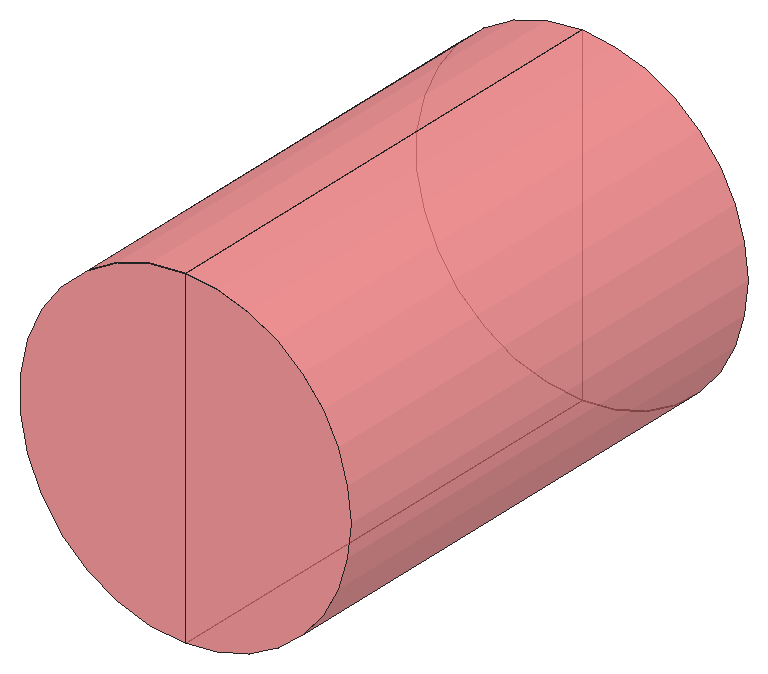
Revit family "М1_ОтверстиеКруглое_Стена", category Обобщенные модели, Revit 2021
Family settings
  Может служить основой для арматурных стержней = Нет
  Размер круглого соединителя = Использовать диаметр
  Тип детали = Нормальный
  На основе рабочей плоскости = Нет
  Всегда вертикально = Да
  При загрузке вырезать с полостями = Да
  Общий = Нет
  Точка принадлежности помещению = Нет
Parameters (values of type "Отверстие_ОВ")
  Отметка по умолчанию = 0 mm
  Группа модели = "Отверстие в стене"  # constant formula
  Data [instance] = ""
  ADSK_Размер_Диаметр [instance] = 200 mm
  ADSK_Размер_Глубина [instance] = 300 mm
  ADSK_Отверстие_Функция = "ОВ"
  ADSK_Отверстие_Отметка от нуля [instance] = 0 mm
  ADSK_Материал = ADSK_Отверстие_ОВ
Reference planes
  plane 1 "По центру (Вперед/Назад)": y = 0
  plane 2: z = 0
  plane 3 "По центру (Влево/Вправо)": x = 0
  plane 4: x = -100
  plane 5: x = 100
  plane 6: y = 150
  plane 7: y = -150
  plane 8: z = 100
  plane 9: z = -100
  plane 10: z = 101
  plane 11: z = -101
  plane 12: y = -151
  plane 13: y = 151
Forms (mm)
  Revolve 1, solid, material "ADSK_Отверстие_ОВ" <- "ADSK_Материал"
    sketch origin (0, 0, 0) x (0, 1, 0) y (0, 0, 1)
      loop
        line (151, 0) -> (-151, 0) -> (-151, -101) -> (151, -101) -> (151, 0)
      axis (151, 0) -> (-151, 0)
    angle from 0 to 360
  Revolve 2, void
    sketch origin (0, 0, 0) x (0, 1, 0) y (0, 0, 1)
      loop
        line (-151, 101) -> (-151, 0) -> (151, 0) -> (151, 101) -> (-151, 101)
      axis (-151, 0) -> (151, 0)
    angle from 0 to 360
Dimensions and locks
  equal spacing: plane 4, plane 3 "По центру (Влево/Вправо)", plane 5
  "ADSK_Размер_Диаметр": plane 4 to plane 5
  equal spacing: plane 6, plane 1 "По центру (Вперед/Назад)", plane 7
  "ADSK_Размер_Глубина": plane 6 to plane 7
  equal spacing: plane 8, level, plane 9
  "ADSK_Размер_Диаметр": plane 8 to plane 9
  locked: plane 6 to plane 13 at 1
  locked: plane 12 to plane 7 at 1
  locked: plane 10 to plane 8 at 1
  locked: plane 9 to plane 11 at 1
  aligned and locked: level to plane 2
  aligned and locked: Revolve 1 sketch curve to level  (x2)
  aligned and locked: Revolve 2 sketch curve to level
  aligned and locked: Revolve 1 to Revolve 2 sketch curve
  aligned and locked: level to Revolve 2 sketch curve
  aligned and locked: Revolve 2 sketch curve to Revolve 1
  aligned and locked: Revolve 1 sketch curve to plane 12
  aligned and locked: plane 11 to Revolve 1 sketch curve
  aligned and locked: plane 13 to Revolve 1 sketch curve
  aligned and locked: Revolve 2 sketch curve to plane 10
Automatic sketch dimensions
  Revolve 1 sketch curve to Revolve 1 sketch curve = 375.329 mm
  Revolve 1 sketch curve to Revolve 1 sketch curve = 302.671 mm
  Revolve 2 sketch curve to plane 7 = 360 mm
  plane 6 to Revolve 2 sketch curve = 240 mm
